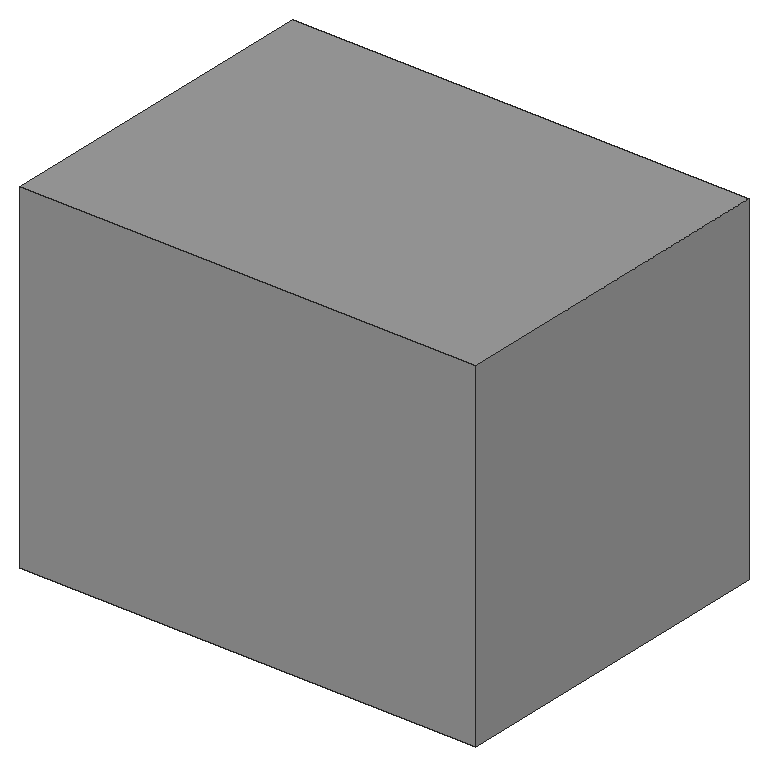
Revit family "Pull Box", category Electrical Fixtures, Revit 2022
Family settings
  Round Connector Dimension = Use Diameter
  Part Type = Normal
  OmniClass Number = 23.80.00.00
  OmniClass Title = Electric Power and Lighting
  Work Plane-Based = No
  Always vertical = Yes
  Cut with Voids When Loaded = No
  Maintain Annotation Orientation = No
  Shared = No
  Room Calculation Point = No
Parameters
  Depth [instance] = 30 mm
  Height [instance] = 30 mm
  Width [instance] = 40 mm
  SubSquare [instance] = 40 mm
  LargeSquare [instance] = 200 mm
  Default Elevation = 0 mm
Reference planes
  plane 1 "Center (Front/Back)": y = 0
  plane 2: z = 0
  plane 3 "Center (Left/Right)": x = 0
  plane 4: y = 15
  plane 5: y = -15
  plane 6: x = -20
  plane 7: x = 20
Forms (mm)
  Extrusion 1, solid, material "Default"
    sketch origin (0, 0, 0) x (1, 0, 0) y (0, 1, 0)
      loop
        line (-20, 15) -> (-20, -15) -> (20, -15) -> (20, 15) -> (-20, 15)
    from 0 to 30
Lines and regions (mm)
  reference lines
    curve 1: line (276.153, 0, 30) -> (-308.847, 0, 30)
  model lines, style "Pull Box Line"
    curve 2: line (-20, 15, 0) -> (20, -15, 0)
    curve 3: line (20, 15, 0) -> (-20, -15, 0)
Dimensions and locks
  equal spacing: plane 6, plane 3 "Center (Left/Right)", plane 7
  "SubSquare": plane 6 to plane 7
  equal spacing: plane 4, plane 1 "Center (Front/Back)", plane 5
  "Width": Extrusion 1 to Extrusion 1
  "Height": Extrusion 1 to Extrusion 1
  "Depth": Extrusion 1 to Extrusion 1
  aligned and locked: level to plane 2
  aligned and locked: Extrusion 1 sketch curve to plane 4
  aligned and locked: plane 6 to Extrusion 1 sketch curve
  aligned and locked: plane 5 to Extrusion 1 sketch curve
  aligned and locked: Extrusion 1 sketch curve to plane 7
  aligned and locked: Extrusion 1 to curve 1
Automatic sketch dimensions
  curve 3 to plane 5 = 0 mm
  curve 3 to plane 6 = 0 mm
  curve 2 to plane 4 = 0 mm
  curve 2 to plane 6 = 0 mm
  curve 3 to plane 4 = 0 mm
  curve 3 to plane 7 = 0 mm
  curve 2 to plane 5 = 0 mm
  curve 2 to plane 7 = 0 mm
  level to curve 1 = 30 mm
  curve 1 to plane 6 = 288.847 mm
  plane 7 to curve 1 = 256.153 mm
Connectors
  cabletrayconduit at (0, 0, 30), diameter 16
    settings: on Extrusion 1, index 1, connector width 300 mm, connector height 300 mm, connector angle 0.00°, system type 32, placement type 0, profile type 0, connector reference index -1, is primary connector yes, connector utility param no, connector description "Top"
  cabletrayconduit at (0, 15, 15), diameter 16
    settings: on Extrusion 1, index 2, connector width 300 mm, connector height 300 mm, connector angle 0.00°, system type 32, placement type 0, profile type 0, connector reference index -1, is primary connector no, connector utility param no, connector description "Back"
  cabletrayconduit at (0, -15, 15), diameter 16
    settings: on Extrusion 1, index 3, connector width 300 mm, connector height 300 mm, connector angle 0.00°, system type 32, placement type 0, profile type 0, connector reference index -1, is primary connector no, connector utility param no, connector description "Front"
  cabletrayconduit at (-20, 0, 15), diameter 16
    settings: on Extrusion 1, index 4, connector width 300 mm, connector height 300 mm, connector angle 0.00°, system type 32, placement type 0, profile type 0, connector reference index -1, is primary connector no, connector utility param no, connector description "Left"
  cabletrayconduit at (20, 0, 15), diameter 16
    settings: on Extrusion 1, index 5, connector width 300 mm, connector height 300 mm, connector angle 0.00°, system type 32, placement type 0, profile type 0, connector reference index -1, is primary connector no, connector utility param no, connector description "Right"
  cabletrayconduit at (0, 0, 0), diameter 16
    settings: on Extrusion 1, index 6, connector width 300 mm, connector height 300 mm, connector angle 0.00°, system type 32, placement type 0, profile type 0, connector reference index -1, is primary connector no, connector utility param no, connector description "Bottom"
